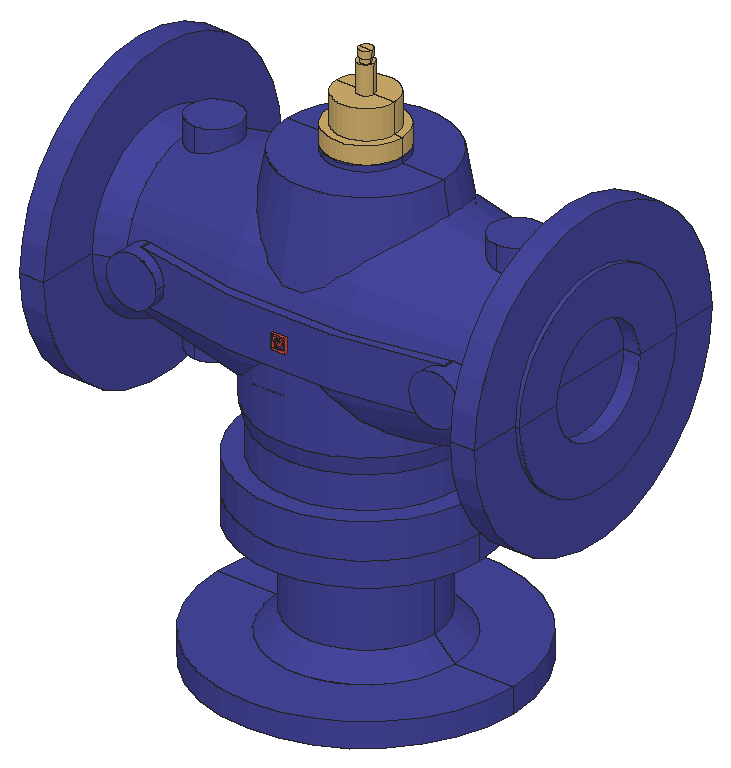
Revit family "Клапан трехходовой регулирующий, фланцевый F 4037", category Rohrzubehör, Revit 2019
Family settings
  Bemaßung runder Anschluss = Durchmesser verwenden
  Teiletyp = Unterbricht
  OmniClass-Nummer = 23.65.55.14
  OmniClass-Titel = Valves for Liquid Services
  Arbeitsebenenbasiert = Nein
  Immer vertikal = Ja
  Beim Laden mit Abzugskörper schneiden = Nein
  Gemeinsam genutzt = Nein
Parameters (values of type "kvs63")
  Среда = "Качество очистки воды должно соответствовать нормам ÖNORM H 5195 и VDI 2035 стандартам."
  Номер заказа [instance] = if(and(kvs1, Nennweite = 15 mm), 403701, if(and(kvs1.6, Nennweite = 15 mm), 403711, if(and(kvs2.5, Nennweite = 15 mm), 403721, if(and(kvs4, Nennweite = 15 mm), 403731, if(and(kvs6.3, Nennweite = 25 mm), 403703, if(and(kvs10, Nennweite = 25 mm), 403713, if(and(kvs16, Nennweite = 32 mm), 403704, if(and(kvs25, Nennweite = 40 mm), 403705, if(and(kvs40, Nennweite = 50 mm), 403706, if(and(kvs63, Nennweite = 65 mm), 403707, if(and(kvs100, Nennweite = 80 mm), 403708, if(and(kvs160, Nennweite = 100 mm), 403709, if(and(kvs250, Nennweite = 125 mm), 403710, if(and(kvs330, Nennweite = 150 mm), 403741, 0))))))))))))))  # 403707
  Вес [instance] = size_lookup("4037_", "Gewicht", 25, Nennweite)  # 25
  kvs63 = yes
  kvs6.3 = no
  kvs40 = no
  kvs4 = no
  kvs330 = no
  kvs250 = no
  kvs25 = no
  kvs2.5 = no
  kvs160 = no
  kvs16 = no
  kvs100 = no
  kvs10 = no
  kvs1.6 = no
  kvs1 = no
  Седло клапана = "WN1.4021"  # constant formula
  Конус клапана = "WN1.4021/латунь"  # constant formula
  Пропускная характеристика клапана = "равнопроцентная"  # constant formula
  URL = "www.herz-armaturen.ru"
  Шток = "WN1.4404"  # constant formula
  SCTWSEQ = "FW;SBT_TYP_FW=\"101\";3"
  SCTWCODE = "04;05;03"  # constant formula
  SCRNSEQ = "ARM;ARM_TYP=\"MISV\";3"
  SCRNCODE = "05;18;03"  # constant formula
  R14 = 4 mm  # constant formula
  R13 = 3 mm  # constant formula
  R12 = 5 mm  # constant formula
  R11 [instance] = size_lookup("4037_", "R11", 18 mm, Nennweite)  # 18 mm
  R10 [instance] = size_lookup("4037_", "R10", 23 mm, Nennweite)  # 23 mm
  R09 [instance] = size_lookup("4037_", "R9", 49 mm, Nennweite)  # 49 mm
  R08 [instance] = R00 + 3 mm  # 68 mm
  R07 [instance] = size_lookup("4037_", "R7", 15.5 mm, Nennweite)  # 15.5 mm
  R06 [instance] = size_lookup("4037_", "R6", 15.5 mm, Nennweite)  # 15.5 mm
  R05 [instance] = size_lookup("4037_", "R5", 62.5 mm, Nennweite)  # 62.5 mm
  R04 [instance] = size_lookup("4037_", "R4", 59.5 mm, Nennweite)  # 59.5 mm
  R03 [instance] = size_lookup("4037_", "R3", 43 mm, Nennweite)  # 71 mm
  R02 [instance] = size_lookup("4037_", "R2", 43 mm, Nennweite)  # 43 mm
  R01 [instance] = size_lookup("4037_", "R1", 55.5 mm, Nennweite)  # 55.5 mm
  R00 [instance] = size_lookup("4037_", "R", 65 mm, Nennweite)  # 65 mm
  PN = 16  # constant formula
  Nennweite [instance] = 65 mm
  Мин. рабочая температура = 5 °C  # constant formula
  Макс. рабочая температура = 150 °C  # constant formula
  Макс. рабочее давление = 1600000.0 Pa  # constant formula
  LO1 [instance] = size_lookup("4037_", "LO1", 28.5 mm, Nennweite)  # 68 mm
  L07 [instance] = L06 - R06  # 94.5 mm
  L06 [instance] = size_lookup("4037_", "L6", 110 mm, Nennweite)  # 110 mm
  L05 [instance] = D00  # 92.5 mm
  L04 = 12.5 mm  # constant formula
  L03 = 10 mm  # constant formula
  L02 [instance] = size_lookup("4037_", "L2", 15 mm, Nennweite)  # 15 mm
  L01 = 3 mm  # constant formula
  L00 [instance] = size_lookup("4037_", "L", 145 mm, Nennweite)  # 145 mm
  Hersteller = "Herz-Armaturen GmbH"  # constant formula
  H16 [instance] = size_lookup("4037_", "H16", 22 mm, Nennweite)  # 22 mm
  H15 = 4 mm  # constant formula
  H14 [instance] = size_lookup("4037_", "H14", 17 mm, Nennweite)  # 17 mm
  H13 [instance] = size_lookup("4037_", "H13", 18 mm, Nennweite)  # 18 mm
  H12 [instance] = size_lookup("4037_", "H12", 10.5 mm, Nennweite)  # 10.5 mm
  H11 [instance] = size_lookup("4037_", "H11", 52.5 mm, Nennweite)  # 52.5 mm
  H10 [instance] = size_lookup("4037_", "H10", 135.4 mm, Nennweite)  # 135.4 mm
  H09 = 3 mm  # constant formula
  H08 [instance] = size_lookup("4037_", "H8", 79 mm, Nennweite)  # 79 mm
  H07 [instance] = R00  # 65 mm
  H06 [instance] = size_lookup("4037_", "H6", 59 mm, Nennweite)  # 59 mm
  H05 [instance] = size_lookup("4037_", "H5", 20 mm, Nennweite)  # 20 mm
  H04 [instance] = size_lookup("4037_", "H4", 17 mm, Nennweite)  # 17 mm
  H02 [instance] = size_lookup("4037_", "H2", 38 mm, Nennweite)  # 38 mm
  H01 [instance] = size_lookup("4037_", "H1", 208 mm, Nennweite)  # 208 mm
  H03 [instance] = size_lookup("4037_", "H3", 112 mm, Nennweite)  # 112 mm
  Корпус = "EN-GJL-250 (EN 1561)"  # constant formula
  Материал уплотнения = "70EPDM"  # constant formula
  DN80 [instance] = Nennweite = 80 mm  # no
  DN65 [instance] = Nennweite = 65 mm  # yes
  DN50 [instance] = Nennweite = 50 mm  # no
  DN40 [instance] = Nennweite = 40 mm  # no
  DN32 [instance] = Nennweite = 32 mm  # no
  DN25 [instance] = Nennweite = 25 mm  # no
  DN150 [instance] = Nennweite = 150 mm  # no
  DN15 [instance] = Nennweite = 15 mm  # no
  DN125 [instance] = Nennweite = 125 mm  # no
  DN100 [instance] = Nennweite = 100 mm  # no
  D02 [instance] = Nennweite / 2  # 32.5 mm
  D01 [instance] = size_lookup("4037_", "D1", 61 mm, Nennweite)  # 61 mm
  D00 [instance] = size_lookup("4037_", "D", 92.5 mm, Nennweite)  # 92.5 mm
  Область применения = "Клапан применяется в системах отопления, вентиляции и кондиционирования воздуха, в производственных и технологических процессах. Трехходовой фланцевый клапан используется как смесительный клапан и в случае, когда следует изменить направление циркуляции воды с одного трубопровода на другой. Пропускная характеристика клапана - равнопроцентная. Соотношение регулирования (соотношение между пропускной\r\nспособностью при номинальной высоте хода Kvs и минимальным значением пропускной способности,\r\nпри которой погрешность регулирования находится в пределах номинального допуска Kvmin) - 30. Выбор\r\nтрехходового фланцевого клапана осущетвляется в соответствии с диаграммой значений kvs."
  Фланцевое соединение = "EN 1092-2"  # constant formula
Types (15, lengths in mm): name | Среда | Номер заказа | Вес | kvs63 | kvs6.3 | kvs40 | kvs4 | kvs330 | kvs250 | kvs25 | kvs2.5 | kvs160 | kvs16 | kvs100 | kvs10 | kvs1.6 | kvs1 | R11 | R10 | R09 | R08 | R07 | R06 | R05 | R04 | R03 | R02 | R01 | R00 | Nennweite | LO1 | L07 | L06 | L05 | L02 | L00 | H16 | H14 | H13 | H12 | H11 | H10 | H08 | H07 | H06 | H05 | H04 | H02 | H01 | H03 | DN80 | DN65 | DN50 | DN40 | DN32 | DN25 | DN150 | DN15 | DN125 | DN100 | D02 | D01 | D00
  (no name) | "Качество очистки воды должно соответствовать нормам ÖNORM H 5195 и VDI 2035 стандартам." | 403707 | 25 | yes | no | no | no | no | no | no | no | no | no | no | no | no | no | 18 | 23 | 49 | 68 | 15.5 | 15.5 | 62.5 | 59.5 | 71 | 43 | 55.5 | 65 | 65 | 68 | 94.5 | 110 | 92.5 | 15 | 145 | 22 | 17 | 18 | 10.5 | 52.5 | 135.4 | 79 | 65 | 59 | 20 | 17 | 38 | 208 | 112 | no | yes | no | no | no | no | no | no | no | no | 32.5 | 61 | 92.5
  kvs1 | "Качество очистки воды должно соответствовать нормам ÖNORM H 5195 и VDI 2035 стандартам." | 403701 | 5 | no | no | no | no | no | no | no | no | no | no | no | no | no | yes | 10 | 15 | 19.5 | 29.5 | 6 | 6 | 24 | 21 | 32.5 | 14 | 17 | 26.5 | 15 | 27.5 | 34 | 40 | 47.5 | 11 | 65 | 18 | 13 | 14 | 6.8 | 40.8 | 80.3 | 36.5 | 26.5 | 24.5 | 5 | 13 | 11 | 110 | 49 | no | no | no | no | no | no | no | yes | no | no | 7.5 | 22.5 | 47.5
  kvs1.6 | "Качество очистки воды должно соответствовать нормам ÖNORM H 5195 и VDI 2035 стандартам." | 403711 | 5 | no | no | no | no | no | no | no | no | no | no | no | no | yes | no | 10 | 15 | 19.5 | 29.5 | 6 | 6 | 24 | 21 | 32.5 | 14 | 17 | 26.5 | 15 | 27.5 | 34 | 40 | 47.5 | 11 | 65 | 18 | 13 | 14 | 6.8 | 40.8 | 80.3 | 36.5 | 26.5 | 24.5 | 5 | 13 | 11 | 110 | 49 | no | no | no | no | no | no | no | yes | no | no | 7.5 | 22.5 | 47.5
  kvs2.5 | "Качество очистки воды должно соответствовать нормам ÖNORM H 5195 и VDI 2035 стандартам." | 403721 | 5 | no | no | no | no | no | no | no | yes | no | no | no | no | no | no | 10 | 15 | 19.5 | 29.5 | 6 | 6 | 24 | 21 | 32.5 | 14 | 17 | 26.5 | 15 | 27.5 | 34 | 40 | 47.5 | 11 | 65 | 18 | 13 | 14 | 6.8 | 40.8 | 80.3 | 36.5 | 26.5 | 24.5 | 5 | 13 | 11 | 110 | 49 | no | no | no | no | no | no | no | yes | no | no | 7.5 | 22.5 | 47.5
  kvs4 | "Качество очистки воды должно соответствовать нормам ÖNORM H 5195 и VDI 2035 стандартам." | 403731 | 5 | no | no | no | yes | no | no | no | no | no | no | no | no | no | no | 10 | 15 | 19.5 | 29.5 | 6 | 6 | 24 | 21 | 32.5 | 14 | 17 | 26.5 | 15 | 27.5 | 34 | 40 | 47.5 | 11 | 65 | 18 | 13 | 14 | 6.8 | 40.8 | 80.3 | 36.5 | 26.5 | 24.5 | 5 | 13 | 11 | 110 | 49 | no | no | no | no | no | no | no | yes | no | no | 7.5 | 22.5 | 47.5
  kvs6.3 | "Качество очистки воды должно соответствовать нормам ÖNORM H 5195 и VDI 2035 стандартам." | 403703 | 8 | no | yes | no | no | no | no | no | no | no | no | no | no | no | no | 10 | 15 | 19.5 | 41 | 7 | 7 | 35.5 | 32.5 | 44 | 19.5 | 28.5 | 38 | 25 | 40 | 45 | 52 | 57.5 | 13 | 80 | 20 | 13 | 14 | 6.8 | 40.8 | 88.3 | 44.5 | 38 | 35 | 5 | 15 | 3 | 121 | 64 | no | no | no | no | no | yes | no | no | no | no | 12.5 | 34 | 57.5
  kvs10 | "Качество очистки воды должно соответствовать нормам ÖNORM H 5195 и VDI 2035 стандартам." | 403713 | 8 | no | no | no | no | no | no | no | no | no | no | no | yes | no | no | 10 | 15 | 19.5 | 41 | 7 | 7 | 35.5 | 32.5 | 44 | 19.5 | 28.5 | 38 | 25 | 40 | 45 | 52 | 57.5 | 13 | 80 | 20 | 13 | 14 | 6.8 | 40.8 | 88.3 | 44.5 | 38 | 35 | 5 | 15 | 3 | 121 | 64 | no | no | no | no | no | yes | no | no | no | no | 12.5 | 34 | 57.5
  kvs16 | "Качество очистки воды должно соответствовать нормам ÖNORM H 5195 и VDI 2035 стандартам." | 403704 | 11.5 | no | no | no | no | no | no | no | no | no | yes | no | no | no | no | 10 | 15 | 20.5 | 46 | 9 | 9 | 40.5 | 37.5 | 49 | 24.5 | 33.5 | 43 | 32 | 45 | 51 | 60 | 70 | 13 | 90 | 20 | 17 | 18 | 10.5 | 52.5 | 102 | 46.5 | 43 | 39 | 15 | 15 | 4 | 142 | 84 | no | no | no | no | yes | no | no | no | no | no | 16 | 39 | 70
  kvs25 | "Качество очистки воды должно соответствовать нормам ÖNORM H 5195 и VDI 2035 стандартам." | 403705 | 13 | no | no | no | no | no | no | yes | no | no | no | no | no | no | no | 10 | 15 | 20.5 | 51 | 12 | 12 | 45.5 | 42.5 | 54 | 29 | 38.5 | 48 | 40 | 50 | 56 | 68 | 75 | 13 | 100 | 20 | 17 | 18 | 10.5 | 52.5 | 112 | 56.5 | 48 | 43 | 20 | 15 | 1 | 149 | 94 | no | no | no | yes | no | no | no | no | no | no | 20 | 44 | 75
  kvs63 | "Качество очистки воды должно соответствовать нормам ÖNORM H 5195 и VDI 2035 стандартам." | 403707 | 25 | yes | no | no | no | no | no | no | no | no | no | no | no | no | no | 18 | 23 | 49 | 68 | 15.5 | 15.5 | 62.5 | 59.5 | 71 | 43 | 55.5 | 65 | 65 | 68 | 94.5 | 110 | 92.5 | 15 | 145 | 22 | 17 | 18 | 10.5 | 52.5 | 135.4 | 79 | 65 | 59 | 20 | 17 | 38 | 208 | 112 | no | yes | no | no | no | no | no | no | no | no | 32.5 | 61 | 92.5
  kvs100 | "Качество очистки воды должно соответствовать нормам ÖNORM H 5195 и VDI 2035 стандартам." | 403708 | 31 | no | no | no | no | no | no | no | no | no | no | yes | no | no | no | 18 | 23 | 49 | 76 | 15.5 | 15.5 | 70.5 | 67.5 | 79 | 51 | 63.5 | 73 | 80 | 77 | 99.5 | 115 | 100 | 17 | 155 | 24 | 17 | 18 | 10.5 | 52.5 | 168.5 | 113 | 73 | 65 | 20 | 19 | 46 | 233 | 125 | yes | no | no | no | no | no | no | no | no | no | 40 | 69 | 100
  kvs160 | "Качество очистки воды должно соответствовать нормам ÖNORM H 5195 и VDI 2035 стандартам." | 403709 | 46 | no | no | no | no | no | no | no | no | yes | no | no | no | no | no | 30 | 35 | 61 | 86 | 20.5 | 20.5 | 80.5 | 77.5 | 89 | 61 | 73.5 | 83 | 100 | 88 | 112.5 | 133 | 110 | 17 | 175 | 24 | 21 | 22 | 14.2 | 64.2 | 189.7 | 122.5 | 83 | 73 | 25 | 19 | 65 | 262 | 135 | no | no | no | no | no | no | no | no | no | yes | 50 | 79 | 110
  kvs250 | "" | 403710 | 72 | no | no | no | no | no | yes | no | no | no | no | no | no | no | no | 30 | 35 | 61 | 101 | 20.5 | 20.5 | 95.5 | 92.5 | 104 | 76 | 88.5 | 98 | 125 | 103 | 134.5 | 155 | 125 | 19 | 200 | 26 | 21 | 22 | 14.2 | 64.2 | 231 | 163.5 | 98 | 80 | 30 | 21 | 44 | 268 | 158 | no | no | no | no | no | no | no | no | yes | no | 62.5 | 94 | 125
  kvs330 | "Качество очистки воды должно соответствовать нормам ÖNORM H 5195 и VDI 2035 стандартам." | 403741 | 91 | no | no | no | no | yes | no | no | no | no | no | no | no | no | no | 30 | 35 | 61 | 113 | 20.5 | 20.5 | 107.5 | 104.5 | 116 | 88 | 100.5 | 110 | 150 | 115 | 174.5 | 195 | 142.5 | 19 | 240 | 26 | 21 | 22 | 14.2 | 64.2 | 237.5 | 170 | 110 | 85 | 25 | 21 | 42 | 261 | 153 | no | no | no | no | no | no | yes | no | no | no | 75 | 106 | 142.5
  kvs40 | "Качество очистки воды должно соответствовать нормам ÖNORM H 5195 и VDI 2035 стандартам." | 403706 | 16 | no | no | yes | no | no | no | no | no | no | no | no | no | no | no | 18 | 23 | 49 | 56 | 13.5 | 13.5 | 52.5 | 49.5 | 61 | 34 | 45.5 | 53 | 50 | 56 | 66.5 | 80 | 82.5 | 15 | 115 | 20 | 17 | 18 | 10.5 | 52.5 | 122 | 66.5 | 53 | 43 | 1 | 15 | 42 | 167 | 67 | no | no | yes | no | no | no | no | no | no | no | 25 | 51 | 82.5
Reference planes
  plane 1 "Mitte (Vorne/hinten)": y = 0
  plane 2: z = 0
  plane 3 "Mitte (Links/rechts)": x = 0
Forms (mm)
  Revolve 1, solid, material "kunststoff-BLAU", detail levels fine
    sketch origin (1065, 0, 0) x (1, 0, 0) y (0, 1, 0)
      loop
        line (-1207, 61) -> (-1210, 61) -> (-1210, 32.5) -> (-1200, 32.5) -> (-1200, 0) -> (-930, 0) -> (-930, 32.5) -> (-920, 32.5) -> (-920, 61) -> (-923, 61) -> (-923, 92.5) -> (-938, 92.5) -> (-938, 55.5) -> (-955, 49.943)
        arc (-955, 49.943) -> (-1065, 65) -> (-1175, 49.943) r 409.331
        line (-1175, 49.943) -> (-1192, 55.5) -> (-1192, 92.5) -> (-1207, 92.5) -> (-1207, 61)
      axis (-920, 0) -> (-1210, 0)
    angle from 0 to 360
  Extrusion 2, solid, material "kunststoff-BLAU", detail levels fine
    sketch origin (0, 0, 0) x (-1, 0, 0) y (0, 0, -1)
      loop
        circle (94.5, 0) r 15.5
      loop
        circle (-94.5, 0) r 15.5
    from -65 to 65
  Extrusion 3, solid, material "kunststoff-BLAU", visible <- "DN65", detail levels fine
    sketch origin (0, 0, 0) x (1, 0, 0) y (0, 1, 0)
      loop
        arc (-95, -56.907) -> (0, -68) -> (95, -56.907) r 412.331
        line (95, -56.907) -> (95, 56.907)
        arc (95, 56.907) -> (0, 68) -> (-95, 56.907) r 412.331
        line (-95, 56.907) -> (-95, -56.907)
    from -15.5 to 15.5
  Revolve 4, solid, material "kunststoff-BLAU", detail levels fine
    sketch origin (0, 0, 0) x (1, 0, 0) y (0, 0, 1)
      loop
        line (-49, 79) -> (-62.5, 0) -> (0, 0) -> (0, 82) -> (-23, 82) -> (-23, 79) -> (-49, 79)
      axis (0, 82) -> (0, 0)
    angle from 0 to 360
  Revolve 5, solid, material "kunststoff-BLAU", detail levels fine
    sketch origin (0, 0, 0) x (1, 0, 0) y (0, 0, 1)
      loop
        line (0, 0) -> (-62.5, 0) -> (-62.5, -59) -> (-59.5, -70) -> (-59.5, -90) -> (-71, -90) -> (-71, -112) -> (0, -112) -> (0, 0)
      axis (0, 0) -> (0, -112)
    angle from 0 to 360
  Revolve 6, solid, material "kunststoff-BLAU", detail levels fine
    sketch origin (0, 0, 0) x (1, 0, 0) y (0, 0, 1)
      loop
        line (-61, -205) -> (-61, -208) -> (-32.5, -208) -> (-32.5, -198) -> (0, -198) -> (0, -112) -> (-71, -112) -> (-71, -127) -> (-55.5, -127) -> (-43, -139.5) -> (-43, -177.5) -> (-55.5, -190) -> (-92.5, -190) -> (-92.5, -205) -> (-61, -205)
      axis (0, -112) -> (0, -208)
    angle from 0 to 360
  Extrusion 7, solid, material "kunststoff-BLAU", detail levels fine
    sketch origin (0, 0, 0) x (0, -1, 0) y (1, 0, 0)
      loop
        circle (0, -94.5) r 15.5
      loop
        circle (0, 94.5) r 15.5
    from -65 to 65
  Extrusion 8, solid, material "kunststoff-BLAU", visible <- "DN150", detail levels fine
    sketch origin (0, 0, 0) x (1, 0, 0) y (0, 1, 0)
      loop
        arc (-179.5, -78.475) -> (0, -115) -> (179.5, -78.475) r 459.331
        line (179.5, -78.475) -> (179.5, 78.475)
        arc (179.5, 78.475) -> (0, 115) -> (-179.5, 78.475) r 459.331
        line (-179.5, 78.475) -> (-179.5, -78.475)
    from -20.5 to 20.5
  Extrusion 9, solid, material "kunststoff-BLAU", visible <- "DN125", detail levels fine
    sketch origin (0, 0, 0) x (1, 0, 0) y (0, 1, 0)
      loop
        arc (-134.5, -82.301) -> (0, -103) -> (134.5, -82.301) r 447.331
        line (134.5, -82.301) -> (134.5, 82.301)
        arc (134.5, 82.301) -> (0, 103) -> (-134.5, 82.301) r 447.331
        line (-134.5, 82.301) -> (-134.5, -82.301)
    from -20.5 to 20.5
  Extrusion 10, solid, material "kunststoff-BLAU", visible <- "DN100", detail levels fine
    sketch origin (0, 0, 0) x (1, 0, 0) y (0, 1, 0)
      loop
        arc (-112.5, -73.106) -> (0, -88) -> (112.5, -73.106) r 432.331
        line (112.5, -73.106) -> (112.5, 73.106)
        arc (112.5, 73.106) -> (0, 88) -> (-112.5, 73.106) r 432.331
        line (-112.5, 73.106) -> (-112.5, -73.106)
    from -20.5 to 20.5
  Extrusion 11, solid, material "kunststoff-BLAU", visible <- "DN80", detail levels fine
    sketch origin (0, 0, 0) x (1, 0, 0) y (0, 1, 0)
      loop
        line (99.5, -65.083) -> (99.5, 65.083)
        arc (99.5, 65.083) -> (0, 77) -> (-99.5, 65.083) r 421.331
        line (-99.5, 65.083) -> (-99.5, -65.083)
        arc (-99.5, -65.083) -> (0, -77) -> (99.5, -65.083) r 421.331
    from -15.5 to 15.5
  Extrusion 12, solid, material "kunststoff-BLAU", visible <- "DN50", detail levels fine
    sketch origin (0, 0, 0) x (1, 0, 0) y (0, 1, 0)
      loop
        arc (-66.5, -50.44) -> (0, -56.006) -> (66.5, -50.44) r 400.05
        line (66.5, -50.44) -> (66.5, 50.44)
        arc (66.5, 50.44) -> (0, 56.006) -> (-66.5, 50.44) r 400.05
        line (-66.5, 50.44) -> (-66.5, -50.44)
    from -13.5 to 13.5
  Extrusion 13, solid, material "kunststoff-BLAU", visible <- "DN40", detail levels fine
    sketch origin (0, 0, 0) x (1, 0, 0) y (0, 1, 0)
      loop
        arc (-56, -46.003) -> (0, -50) -> (56, -46.003) r 394.331
        line (56, -46.003) -> (56, 46.003)
        arc (56, 46.003) -> (0, 50) -> (-56, 46.003) r 394.331
        line (-56, 46.003) -> (-56, -46.003)
    from -12 to 12
  Extrusion 14, solid, material "kunststoff-BLAU", visible <- "DN32", detail levels fine
    sketch origin (0, 0, 0) x (1, 0, 0) y (0, 1, 0)
      loop
        arc (-51, -41.645) -> (0, -45) -> (51, -41.645) r 389.331
        line (51, -41.645) -> (51, 41.645)
        arc (51, 41.645) -> (0, 45) -> (-51, 41.645) r 389.331
        line (-51, 41.645) -> (-51, -41.645)
    from -9 to 9
  Extrusion 15, solid, material "kunststoff-BLAU", visible <- "DN25", detail levels fine
    sketch origin (0, 0, 0) x (1, 0, 0) y (0, 1, 0)
      loop
        line (45, -37.356) -> (45, 37.356)
        arc (45, 37.356) -> (0, 40) -> (-45, 37.356) r 384.331
        line (-45, 37.356) -> (-45, -37.356)
        arc (-45, -37.356) -> (0, -40) -> (45, -37.356) r 384.331
    from -7 to 7
  Extrusion 16, solid, material "kunststoff-BLAU", visible <- "DN15", detail levels fine
    sketch origin (0, 0, 0) x (1, 0, 0) y (0, 1, 0)
      loop
        line (-34, 25.942) -> (-34, -25.942)
        arc (-34, -25.942) -> (0, -27.5) -> (34, -25.942) r 371.831
        line (34, -25.942) -> (34, 25.942)
        arc (34, 25.942) -> (0, 27.5) -> (-34, 25.942) r 371.831
    from -6 to 6
  Revolve 17, solid, material "Messing-poliert", detail levels fine
    sketch origin (0, 0, 0) x (1, 0, 0) y (0, 0, 1)
      loop
        line (-23, 93.4) -> (-23, 82.9) -> (0, 82.9) -> (0, 135.4) -> (-4, 135.4) -> (-4, 131.4) -> (-3, 131.4) -> (-3, 128.4) -> (-5, 128.4) -> (-5, 111.4) -> (-18, 111.4) -> (-18, 93.4) -> (-23, 93.4)
      axis (0, 135.4) -> (0, 82.9)
    angle from 0 to 360
Lines and regions (mm)
  model lines, detail levels coarse+medium
    curve 1: line (-145, 0, 92.5) -> (-145, 0, -92.5)
    curve 2: line (-145, 0, -92.5) -> (145, 0, 92.5)
    curve 3: line (145, 0, 92.5) -> (145, 0, -92.5)
    curve 4: line (145, 0, -92.5) -> (-145, 0, 92.5)
    curve 5: line (0, 0, 0) -> (92.5, 0, -208)
    curve 6: line (92.5, 0, -208) -> (-92.5, 0, -208)
    curve 7: line (-92.5, 0, -208) -> (0, 0, 0)
    curve 8: line (-145, 92.5, 0) -> (-145, -92.5, 0)
    curve 9: line (-145, -92.5, 0) -> (145, 92.5, 0)
    curve 10: line (145, 92.5, 0) -> (145, -92.5, 0)
    curve 11: line (145, -92.5, 0) -> (-145, 92.5, 0)
    curve 12: line (0, 0, 0) -> (92.5, -208, 0)
    curve 13: line (92.5, -208, 0) -> (-92.5, -208, 0)
    curve 14: line (-92.5, -208, 0) -> (0, 0, 0)
Dimensions and locks
  "L00": Revolve 1 sketch curve to plane 3 "Mitte (Links/rechts)" to Revolve 1 sketch curve
  "D00": plane 1 "Mitte (Vorne/hinten)" to Revolve 1 sketch curve  (x2)
  "D02": plane 1 "Mitte (Vorne/hinten)" to Revolve 1 sketch curve  (x2)
  "L01": Revolve 1 sketch curve to Revolve 1 sketch curve  (x2)
  "L02": Revolve 1 sketch curve to Revolve 1 sketch curve  (x2)
  "D01": plane 1 "Mitte (Vorne/hinten)" to Revolve 1 sketch curve  (x2)
  "R01": plane 1 "Mitte (Vorne/hinten)" to Revolve 1 sketch curve  (x2)
  "R00": Revolve 1 sketch curve to Revolve 1 sketch curve
  "L03": Revolve 1 sketch curve to Revolve 1 sketch curve  (x2)
  "D02": plane 3 "Mitte (Links/rechts)" to Revolve 6 sketch curve
  "R02": plane 3 "Mitte (Links/rechts)" to Revolve 6 sketch curve
  "R01": plane 3 "Mitte (Links/rechts)" to Revolve 6 sketch curve  (x2)
  "D01": plane 3 "Mitte (Links/rechts)" to Revolve 6 sketch curve
  "D00": plane 3 "Mitte (Links/rechts)" to Revolve 6 sketch curve
  "H01": plane 2 to Revolve 6 sketch curve
  "L01": Revolve 6 sketch curve to Revolve 6 sketch curve
  "L02": Revolve 6 sketch curve to Revolve 6 sketch curve  (x2)
  "L03": Revolve 6 sketch curve to Revolve 6 sketch curve
  "R03": plane 3 "Mitte (Links/rechts)" to Revolve 6 sketch curve
  "L04": Revolve 6 sketch curve to Revolve 6 sketch curve  (x2)
  "R03": Revolve 5 sketch curve to Revolve 5 sketch curve
  "H03": plane 2 to Revolve 5 sketch curve
  "H06": Revolve 5 sketch curve to Revolve 5 sketch curve
  "R04": Revolve 5 sketch curve to Revolve 5 sketch curve
  "R05": Revolve 5 sketch curve to Revolve 5 sketch curve
  "H05": Revolve 5 sketch curve to Revolve 5 sketch curve
  "L06": Revolve 1 sketch curve to plane 3 "Mitte (Links/rechts)" to Revolve 1 sketch curve
  "H03": plane 2 to Revolve 6 sketch curve
  "R09": Revolve 4 sketch curve to Revolve 4 sketch curve
  "R05": Revolve 4 sketch curve to Revolve 4 sketch curve
  "H07": Extrusion 7 to plane 2 to Extrusion 7  (x2)
  "L07": plane 3 "Mitte (Links/rechts)" to Extrusion 7 sketch curve
  "L07": Extrusion 7 sketch curve to plane 3 "Mitte (Links/rechts)"
  "H07": Extrusion 2 to plane 1 "Mitte (Vorne/hinten)"  (x3)
  "L07": plane 3 "Mitte (Links/rechts)" to Extrusion 2 sketch curve
  "L07": Extrusion 2 sketch curve to plane 3 "Mitte (Links/rechts)"
  "H07": plane 1 "Mitte (Vorne/hinten)" to Extrusion 2
  "H08": Revolve 4 sketch curve to plane 2
  "H09": Revolve 4 sketch curve to Revolve 4 sketch curve
  "R10": plane 3 "Mitte (Links/rechts)" to Revolve 4 sketch curve
  "H11": Revolve 17 sketch curve to Revolve 17 sketch curve
  "H10": Revolve 17 sketch curve to plane 2
  "R10": plane 3 "Mitte (Links/rechts)" to Revolve 17 sketch curve
  "H12": Revolve 17 sketch curve to Revolve 17 sketch curve
  "H13": Revolve 17 sketch curve to Revolve 17 sketch curve
  "H14": Revolve 17 sketch curve to Revolve 17 sketch curve
  "H15": Revolve 17 sketch curve to Revolve 17 sketch curve
  "R14": plane 3 "Mitte (Links/rechts)" to Revolve 17 sketch curve
  "R13": plane 3 "Mitte (Links/rechts)" to Revolve 17 sketch curve
  "R11": plane 3 "Mitte (Links/rechts)" to Revolve 17 sketch curve
  "R12": plane 3 "Mitte (Links/rechts)" to Revolve 17 sketch curve
  "LO1": nested 1 to plane 1 "Mitte (Vorne/hinten)"
  "H16": Revolve 5 sketch curve to Revolve 6
  "L00": curve 1 to plane 3 "Mitte (Links/rechts)" to curve 3
  "D00": curve 3 to plane 2 to curve 4
  "D00": curve 4 to plane 2 to curve 2
  "H01": plane 2 to curve 6
  "D00": curve 6 to plane 3 "Mitte (Links/rechts)" to curve 7
  "L00": curve 8 to plane 3 "Mitte (Links/rechts)" to curve 10
  "D00": curve 11 to plane 1 "Mitte (Vorne/hinten)" to curve 10
  "D00": curve 9 to plane 1 "Mitte (Vorne/hinten)" to curve 11
  "H01": curve 13 to plane 1 "Mitte (Vorne/hinten)"
  "D00": curve 14 to plane 3 "Mitte (Links/rechts)" to curve 13
  "R06": radius of Extrusion 7 sketch curve  (x2)
  "R07": radius of Extrusion 2 sketch curve  (x2)
  aligned and locked: level to plane 2
Automatic sketch dimensions
  Extrusion 3 sketch curve to plane 1 "Mitte (Vorne/hinten)" = 56.907 mm  (x2)
  Extrusion 3 sketch curve to plane 3 "Mitte (Links/rechts)" = 0 mm  (x2)
  Extrusion 3 sketch curve to Extrusion 3 sketch curve = 113.814 mm
  Extrusion 3 sketch curve to Extrusion 3 sketch curve = 287.425 mm
  Extrusion 3 sketch curve to plane 1 "Mitte (Vorne/hinten)" = 344.331 mm
  plane 3 "Mitte (Links/rechts)" to Extrusion 3 sketch curve = 95 mm
  Extrusion 8 sketch curve to plane 3 "Mitte (Links/rechts)" = 0 mm  (x2)
  Extrusion 8 sketch curve to plane 1 "Mitte (Vorne/hinten)" = 78.475 mm  (x2)
  plane 1 "Mitte (Vorne/hinten)" to Extrusion 8 sketch curve = 78.475 mm
  Extrusion 8 sketch curve to plane 3 "Mitte (Links/rechts)" = 179.5 mm
  Extrusion 8 sketch curve to Extrusion 8 sketch curve = 265.857 mm
  Extrusion 8 sketch curve to plane 1 "Mitte (Vorne/hinten)" = 344.331 mm
  plane 3 "Mitte (Links/rechts)" to Extrusion 9 sketch curve = 134.5 mm
  plane 1 "Mitte (Vorne/hinten)" to Extrusion 9 sketch curve = 82.301 mm  (x2)
  Extrusion 9 sketch curve to plane 3 "Mitte (Links/rechts)" = 0 mm  (x2)
  Extrusion 9 sketch curve to Extrusion 9 sketch curve = 262.031 mm  (x2)
  Extrusion 9 sketch curve to plane 1 "Mitte (Vorne/hinten)" = 82.301 mm
  Extrusion 10 sketch curve to plane 3 "Mitte (Links/rechts)" = 0 mm  (x2)
  plane 1 "Mitte (Vorne/hinten)" to Extrusion 10 sketch curve = 73.106 mm
  Extrusion 10 sketch curve to plane 3 "Mitte (Links/rechts)" = 112.5 mm
  Extrusion 10 sketch curve to Extrusion 10 sketch curve = 271.225 mm
  Extrusion 10 sketch curve to plane 1 "Mitte (Vorne/hinten)" = 344.331 mm
  Extrusion 10 sketch curve to plane 1 "Mitte (Vorne/hinten)" = 73.106 mm  (x2)
  Extrusion 11 sketch curve to plane 3 "Mitte (Links/rechts)" = 0 mm  (x2)
  plane 1 "Mitte (Vorne/hinten)" to Extrusion 11 sketch curve = 65.083 mm  (x2)
  Extrusion 11 sketch curve to plane 3 "Mitte (Links/rechts)" = 99.5 mm
  Extrusion 11 sketch curve to Extrusion 11 sketch curve = 279.249 mm
  Extrusion 11 sketch curve to plane 1 "Mitte (Vorne/hinten)" = 344.331 mm
  Extrusion 11 sketch curve to plane 1 "Mitte (Vorne/hinten)" = 65.083 mm
  Extrusion 12 sketch curve to plane 3 "Mitte (Links/rechts)" = 0 mm  (x2)
  Extrusion 12 sketch curve to plane 3 "Mitte (Links/rechts)" = 66.5 mm
  plane 3 "Mitte (Links/rechts)" to Extrusion 12 sketch curve = 66.5 mm
  plane 1 "Mitte (Vorne/hinten)" to Extrusion 12 sketch curve = 344.044 mm
  plane 1 "Mitte (Vorne/hinten)" to Extrusion 12 sketch curve = 50.44 mm
  Extrusion 12 sketch curve to plane 1 "Mitte (Vorne/hinten)" = 50.44 mm
  Extrusion 12 sketch curve to Extrusion 12 sketch curve = 293.604 mm
  Extrusion 13 sketch curve to plane 3 "Mitte (Links/rechts)" = 0 mm  (x2)
  Extrusion 13 sketch curve to plane 3 "Mitte (Links/rechts)" = 56 mm
  plane 3 "Mitte (Links/rechts)" to Extrusion 13 sketch curve = 56 mm
  plane 1 "Mitte (Vorne/hinten)" to Extrusion 13 sketch curve = 344.331 mm
  plane 1 "Mitte (Vorne/hinten)" to Extrusion 13 sketch curve = 46.003 mm
  Extrusion 13 sketch curve to plane 1 "Mitte (Vorne/hinten)" = 46.003 mm
  Extrusion 13 sketch curve to Extrusion 13 sketch curve = 298.328 mm
  Extrusion 14 sketch curve to plane 3 "Mitte (Links/rechts)" = 0 mm  (x2)
  Extrusion 14 sketch curve to plane 3 "Mitte (Links/rechts)" = 51 mm
  plane 3 "Mitte (Links/rechts)" to Extrusion 14 sketch curve = 51 mm
  plane 1 "Mitte (Vorne/hinten)" to Extrusion 14 sketch curve = 344.331 mm
  plane 1 "Mitte (Vorne/hinten)" to Extrusion 14 sketch curve = 41.645 mm
  Extrusion 14 sketch curve to plane 1 "Mitte (Vorne/hinten)" = 41.645 mm
  Extrusion 14 sketch curve to Extrusion 14 sketch curve = 302.686 mm
  Extrusion 15 sketch curve to plane 3 "Mitte (Links/rechts)" = 0 mm  (x2)
  Extrusion 15 sketch curve to plane 3 "Mitte (Links/rechts)" = 45 mm
  plane 3 "Mitte (Links/rechts)" to Extrusion 15 sketch curve = 45 mm
  plane 1 "Mitte (Vorne/hinten)" to Extrusion 15 sketch curve = 344.331 mm
  plane 1 "Mitte (Vorne/hinten)" to Extrusion 15 sketch curve = 37.356 mm
  Extrusion 15 sketch curve to plane 1 "Mitte (Vorne/hinten)" = 37.356 mm
  Extrusion 15 sketch curve to Extrusion 15 sketch curve = 306.975 mm
  Extrusion 16 sketch curve to plane 3 "Mitte (Links/rechts)" = 0 mm  (x2)
  Extrusion 16 sketch curve to plane 3 "Mitte (Links/rechts)" = 34 mm
  plane 3 "Mitte (Links/rechts)" to Extrusion 16 sketch curve = 34 mm
  plane 1 "Mitte (Vorne/hinten)" to Extrusion 16 sketch curve = 344.331 mm
  plane 1 "Mitte (Vorne/hinten)" to Extrusion 16 sketch curve = 25.942 mm
  Extrusion 16 sketch curve to plane 1 "Mitte (Vorne/hinten)" = 25.942 mm
  Extrusion 16 sketch curve to Extrusion 16 sketch curve = 318.389 mm
  curve 5 to level = 0 mm
  plane 1 "Mitte (Vorne/hinten)" to curve 12 = 0 mm
  Revolve 1 sketch curve to plane 1 "Mitte (Vorne/hinten)" = 0 mm
  Revolve 1 sketch curve to plane 3 "Mitte (Links/rechts)" = 0 mm
  plane 1 "Mitte (Vorne/hinten)" to Revolve 1 sketch curve = 0 mm
  plane 1 "Mitte (Vorne/hinten)" to Revolve 1 sketch curve = 344.331 mm
  Revolve 1 sketch curve to Revolve 1 sketch curve = 1855 mm  (x2)
  Extrusion 2 sketch curve to level = 0 mm  (x2)
  Revolve 4 sketch curve to level = 0 mm
  Revolve 4 sketch curve to plane 3 "Mitte (Links/rechts)" = 0 mm  (x2)
  Revolve 4 sketch curve to Revolve 4 sketch curve = 366.045 mm
  Revolve 4 sketch curve to Revolve 4 sketch curve = 2132.315 mm
  Revolve 5 sketch curve to level = 0 mm
  Revolve 5 sketch curve to plane 3 "Mitte (Links/rechts)" = 0 mm  (x2)
  Revolve 5 sketch curve to Revolve 5 sketch curve = 254.045 mm
  level to Revolve 5 sketch curve = 2214.315 mm
  Revolve 6 sketch curve to plane 3 "Mitte (Links/rechts)" = 0 mm  (x2)
  Revolve 6 sketch curve to Revolve 6 sketch curve = 158.045 mm
  level to Revolve 6 sketch curve = 2214.315 mm
  plane 1 "Mitte (Vorne/hinten)" to Extrusion 7 sketch curve = 0 mm  (x2)
  Revolve 17 sketch curve to plane 3 "Mitte (Links/rechts)" = 0 mm  (x2)
  Revolve 17 sketch curve to level = 366.045 mm
  Revolve 17 sketch curve to Revolve 17 sketch curve = 2079.815 mm
Nested families
  nested 1: "Herz-Logo-vorne" at (-0.018, -68, 0) x (0, 1, 0) z (0, 0, 1), type "Herz-Logo-vorne", detail levels fine
Connectors
  piping at (-145, 0, 0), diameter 65, driven by "Nennweite"
    settings: on Revolve 1, index 1, connector inside diameter 609.6 mm, connector length 0 mm, flow factor 0, pipe flow 0.0 L/s, pressure drop 0.0 Pa, fitting loss kfactor 0, connector angle 0.00°, fixture units 0, engagement length 0 mm, angle of deflection 0.00°, flow configuration 0, flow direction 1, fitting loss method 0, system type 29, joint type 0, gender type 0, connector reference index -1, connector utility 0, adjustable connector no, is connector primary yes, connector description ""
  piping at (145, 0, 0), diameter 65, driven by "Nennweite"
    settings: on Revolve 1, index 2, connector inside diameter 609.6 mm, connector length 0 mm, flow factor 0, pipe flow 0.0 L/s, pressure drop 0.0 Pa, fitting loss kfactor 0, connector angle 0.00°, fixture units 0, engagement length 0 mm, angle of deflection 0.00°, flow configuration 0, flow direction 2, fitting loss method 0, system type 29, joint type 0, gender type 0, connector reference index -1, connector utility 0, adjustable connector no, is connector primary no, connector description ""
  piping at (0, 0, -208), diameter 65, driven by "Nennweite"
    settings: on Revolve 6, index 3, connector inside diameter 609.6 mm, connector length 0 mm, flow factor 0, pipe flow 0.0 L/s, pressure drop 0.0 Pa, fitting loss kfactor 0, connector angle 0.00°, fixture units 0, engagement length 0 mm, angle of deflection 0.00°, flow configuration 0, flow direction 1, fitting loss method 0, system type 29, joint type 0, gender type 0, connector reference index -1, connector utility 0, adjustable connector no, is connector primary no, connector description ""
Definition of nested family "Herz-Logo-vorne"
  Reference planes
    plane 1 "Mitte (Vorne/hinten)": y = 0
    plane 2: z = 0
    plane 3 "Mitte (Links/rechts)": x = 0
  Forms (mm)
    Extrusion 1, solid
      sketch origin (0.732, -0.018, 0.017) x (0, -1, 0) y (0, 0, 1)
        loop
          line (-0.018, -4.517) -> (4.482, -4.517) -> (4.482, 4.483) -> (-4.518, 4.483) -> (-4.518, -4.517) -> (-0.018, -4.517)
        loop
          line (-0.05, -3.48) -> (3.482, -3.48) -> (3.482, 3.483) -> (-3.518, 3.483) -> (-3.518, -3.48) -> (-0.05, -3.48)
        loop
          arc (-0.018, 2.383) -> (-1.543, 3.287) -> (-3.067, 2.383) r 1.738
          arc (-3.067, 2.383) -> (-3.191, 1.899) -> (-3.067, 1.415) r 1.009
          line (-3.067, 1.415) -> (-0.018, -3.281) -> (3.032, 1.415)
          arc (3.032, 1.415) -> (3.156, 1.899) -> (3.032, 2.383) r 1.009
          arc (3.032, 2.383) -> (1.507, 3.287) -> (-0.018, 2.383) r 1.738
        loop
          arc (1.885, 1.272) -> (2.005, 1.675) -> (1.885, 2.079) r 0.74
          arc (1.885, 2.079) -> (1.265, 2.416) -> (0.644, 2.079) r 0.74
          line (0.644, 2.079) -> (-0.018, 0.97) -> (-0.679, 2.079)
          arc (-0.679, 2.079) -> (-1.3, 2.416) -> (-1.921, 2.079) r 0.74
          arc (-1.921, 2.079) -> (-2.04, 1.675) -> (-1.921, 1.272) r 0.74
          line (-1.921, 1.272) -> (-0.018, -1.658) -> (1.885, 1.272)
      from 0 to 1.5
  Dimensions and locks
    aligned and locked: level to plane 2
